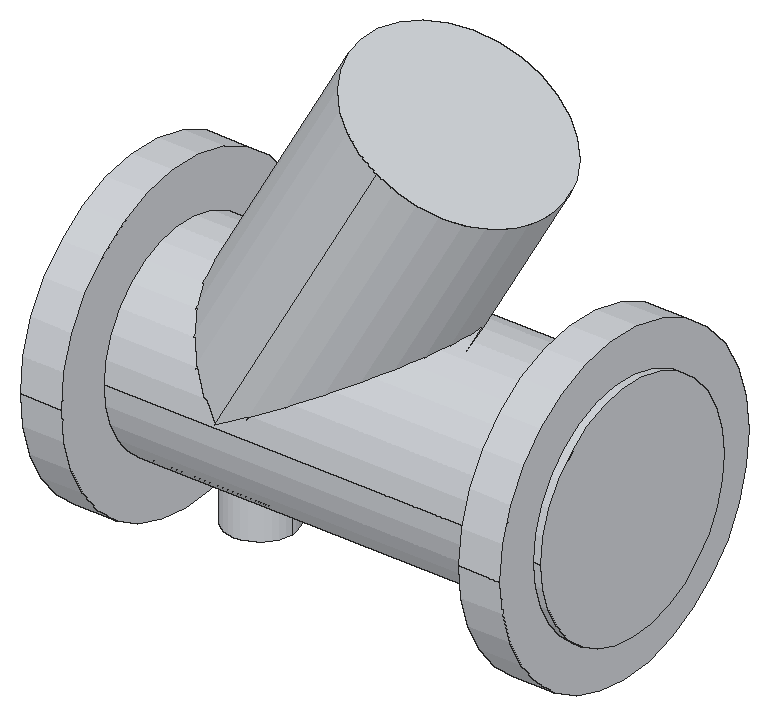
Revit family "HS 821-síto_jemné-PN16-DN125-RFA_2019", category Pipe Accessories, Revit 2019
Family settings
  Round Connector Dimension = Use Diameter
  Part Type = Breaks Into
  Work Plane-Based = No
  Always vertical = Yes
  Cut with Voids When Loaded = No
  Shared = No
Parameters (values of type "821A-DN125-PN16-síto_jemné")
  magiProductId = "bf68e728a163493cbd2a663b26ebdc"
  magiProductFamilyId = "79214ac3aaa945e397802f559f5c1e"
  magiPartTypeId = 307
  isMeasuringValve [instance] = no
  ang2D [instance] = 0.00°
  ZB__ve = -ZB  # -39.5 mm
  ZB1 = 74.52 mm
  ZB = 39.5 mm
  X2 = 131.888 mm
  X1 = 56 mm
  W2D = 15 mm
  VersionID = "2.0/2017.9.26.1/ZETKAMA_821_001"
  Use Minimum Symbol Size [instance] = yes
  URL = "www.hydronix.cz"
  Type Comments = "Filtr přírubový; síto jemné; A-PN16 (-10~300°C); D-PN25 (-10~350°C); F-PN40 (-10~400°C)"
  S = 184 mm
  QmdConnectorList = "301;D;302;D"
  Productdata [instance] = ""
  Manufacturer = "Hydronix"
  MC Product Code = "210 191 (821A; DN125; PN16; kvs268,8; oko síta 0,63mm)"
  LM1 = 32 mm
  LM = 320 mm
  L4 = 100 mm
  L2D_Min = 3048 mm
  L2D = 130 mm
  L2 = 200 mm
  HH2 = 228.438 mm
  FD = 250 mm
  Description = "Filtr přírubový; síto jemné; 821A-PN16; 821D-PN25; 821F-PN40"
  DM1 = 165 mm
  DM = 165.6 mm
  D = 125 mm
  CC = 6.8 mm
  CAT0 = yes
  C1 = 33.2 mm
  C = 40 mm
  BD = 52.164 mm
Types (40, lengths in mm): name | magiProductId | ZB__ve | ZB1 | ZB | X2 | X1 | S | MC Product Code | LM1 | LM | L4 | L2 | HH2 | FD | DM1 | DM | D | CC | C1 | C | BD
  821A-DN015-PN16-síto_jemné | "a71bcfe8b393460598b23e8ddf7dc5" | -16.25 | 18.63 | 16.25 | 46.982 | 18.2 | 46 | "210 115 (821A; DN015; PN16; kvs6,2; oko síta 0,63mm)" | 10.4 | 104 | 32.5 | 65 | 81.375 | 95 | 27.6 | 41.4 | 15 | 2.21 | 10.79 | 13 | 13.041
  821A-DN020-PN16-síto_jemné | "41cd6c7a12924f4991217528336076" | -17.75 | 22.68 | 17.75 | 51.673 | 21 | 56 | "210 120 (821A; DN020; PN16; kvs9,6; oko síta 0,63mm)" | 12 | 120 | 37.5 | 75 | 89.5 | 105 | 33.6 | 50.4 | 20 | 2.55 | 12.45 | 15 | 15.876
  821A-DN025-PN16-síto_jemné | "be378b463ed14c3abf4c9b3ae8cf3a" | -19.25 | 26.325 | 19.25 | 58.601 | 22.4 | 65 | "210 125 (821A; DN025; PN16; kvs14,2; oko síta 0,63mm)" | 12.8 | 128 | 40 | 80 | 101.5 | 115 | 43.2 | 58.5 | 25 | 2.72 | 13.28 | 16 | 18.427
  821A-DN032-PN16-síto_jemné | "227a0d18b21540afabe8b6067d35fa" | -23 | 30.78 | 23 | 68.849 | 25.2 | 76 | "210 132 (821A; DN032; PN16; kvs23,1; oko síta 0,63mm)" | 14.4 | 144 | 45 | 90 | 119.25 | 140 | 50.4 | 68.4 | 32 | 3.06 | 14.94 | 18 | 21.546
  821A-DN040-PN16-síto_jemné | "d106917c74724141a10440112d0102" | -24.5 | 34.02 | 24.5 | 75.777 | 28 | 84 | "210 140 (821A; DN040; PN16; kvs36,6; oko síta 0,63mm)" | 16 | 160 | 50 | 100 | 131.25 | 150 | 60 | 75.6 | 40 | 3.4 | 16.6 | 20 | 23.814
  821A-DN050-PN16-síto_jemné | "8255d456a09e4f6486734f5dd9171b" | -26.75 | 40.095 | 26.75 | 79.061 | 32.2 | 99 | "210 150 (821A; DN050 PN16; kvs53,7; oko síta 0,63mm)" | 18.4 | 184 | 57.5 | 115 | 136.938 | 165 | 73.8 | 89.1 | 50 | 3.91 | 19.09 | 23 | 28.066
  821A-DN065-PN16-síto_jemné | "235b1b3e4c0843779a4d5e3716d40a" | -29.75 | 47.79 | 29.75 | 86.927 | 40.6 | 118 | "210 165 (821A; DN065; PN16; kvs95,1; oko síta 0,63mm)" | 23.2 | 232 | 72.5 | 145 | 150.562 | 185 | 94.2 | 106.2 | 65 | 4.93 | 24.07 | 29 | 33.453
  821A-DN080-PN16-síto_jemné | "a067f7c5236348ed8c820d16df7214" | -32 | 53.46 | 32 | 104.753 | 43.4 | 132 | "210 180 (821A; DN080; PN16; kvs137,1; oko síta 0,63mm)" | 24.8 | 248 | 77.5 | 155 | 181.438 | 200 | 107.4 | 118.8 | 80 | 5.27 | 25.73 | 31 | 37.422
  821A-DN100-PN16-síto_jemné | "c49a648c2747461285837d643703cd" | -35 | 63.18 | 35 | 114.857 | 49 | 156 | "210 190 (821A; DN100; PN16; kvs206,4; oko síta 0,63mm)" | 28 | 280 | 87.5 | 175 | 198.937 | 220 | 131.4 | 140.4 | 100 | 5.95 | 29.05 | 35 | 44.226
  821A-DN125-PN16-síto_jemné | "bf68e728a163493cbd2a663b26ebdc" | -39.5 | 74.52 | 39.5 | 131.888 | 56 | 184 | "210 191 (821A; DN125; PN16; kvs268,8; oko síta 0,63mm)" | 32 | 320 | 100 | 200 | 228.438 | 250 | 165 | 165.6 | 125 | 6.8 | 33.2 | 40 | 52.164
  821A-DN150-PN16-síto_jemné | "2de770284b654863ae6bc865769dc5" | -44.75 | 85.455 | 44.75 | 155.885 | 67.2 | 211 | "210 192 (821A; DN150; PN16; kvs401,4; oko síta 0,63mm)" | 38.4 | 384 | 120 | 240 | 270 | 285 | 192 | 189.9 | 150 | 8.16 | 39.84 | 48 | 59.818
  821A-DN200-PN16-síto_jemné | "8e5693371ab64aabb29a7f08c76e15" | -53 | 107.73 | 53 | 188.361 | 84 | 266 | "210 193 (821A; DN200; PN16; kvs706,7; oko síta 0,63mm)" | 48 | 480 | 150 | 300 | 326.25 | 340 | 252 | 239.4 | 200 | 10.2 | 49.8 | 60 | 75.411
  821A-DN250-PN16-síto_jemné | "05e37ed948c34047acdd4c42556504" | -62.75 | 129.195 | 62.75 | 255.911 | 102.2 | 319 | "210 194 (821A; DN250; PN16; kvs1229,4; oko síta 0,63mm)" | 58.4 | 584 | 182.5 | 365 | 443.25 | 405 | 309.6 | 287.1 | 250 | 12.41 | 60.59 | 73 | 90.436
  821A-DN300-PN16-síto_jemné | "9ad0af747269428da925480d83ce80" | -71 | 149.85 | 71 | 325.914 | 119 | 370 | "210 195 (821A; DN300; PN16; kvs1902,4; oko síta 0,63mm)" | 68 | 680 | 212.5 | 425 | 564.5 | 460 | 369.6 | 333 | 300 | 14.45 | 70.55 | 85 | 104.895
  821A-DN350-PN16-síto_jemné | "eebc71459bb3451bb4355e7951370a" | -80 | 173.745 | 80 | 356.875 | 137.2 | 429 | "200 196 (821A; DN350; PN16; kvs2611,0; oko síta 0,63mm)" | 78.4 | 784 | 245 | 490 | 618.125 | 520 | 438 | 386.1 | 350 | 16.66 | 81.34 | 98 | 121.621
  821A-DN400-PN16-síto_jemné | "d2f677cb196647e385b2590e7d8abe" | -89 | 194.4 | 89 | 392.237 | 154 | 480 | "210 197 (821A; DN400; PN16; kvs3438,4; oko síta 0,63mm)" | 88 | 880 | 275 | 550 | 679.375 | 580 | 498 | 432 | 400 | 18.7 | 91.3 | 110 | 136.08
  821D-DN015-PN25-síto_jemné | "27ddcbf555414f8ca1fde329bf9087" | -16.25 | 18.63 | 16.25 | 46.982 | 18.2 | 46 | "210 215 (821D; DN015; PN25; kvs6,2; oko síta 0,63mm)" | 10.4 | 104 | 32.5 | 65 | 81.375 | 95 | 27.6 | 41.4 | 15 | 2.21 | 10.79 | 13 | 13.041
  821D-DN020-PN25-síto_jemné | "270e0f14012f47189cd0235c18faee" | -17.75 | 22.68 | 17.75 | 51.673 | 21 | 56 | "210 220 (821D; DN020; PN25; kvs9,6; oko síta 0,63mm)" | 12 | 120 | 37.5 | 75 | 89.5 | 105 | 33.6 | 50.4 | 20 | 2.55 | 12.45 | 15 | 15.876
  821D-DN025-PN25-síto_jemné | "b9a7fb4aa36643878c637d8e1ab992" | -19.25 | 26.325 | 19.25 | 58.601 | 22.4 | 65 | "210 225 (821D; DN025; PN25; kvs14,2; oko síta 0,63mm)" | 12.8 | 128 | 40 | 80 | 101.5 | 115 | 43.2 | 58.5 | 25 | 2.72 | 13.28 | 16 | 18.427
  821D-DN032-PN25-síto_jemné | "6be9a55c4e68400f94eec7e804204c" | -23 | 30.78 | 23 | 68.849 | 25.2 | 76 | "210 232 (821D; DN032; PN25; kvs23,1; oko síta 0,63mm)" | 14.4 | 144 | 45 | 90 | 119.25 | 140 | 50.4 | 68.4 | 32 | 3.06 | 14.94 | 18 | 21.546
  821D-DN040-PN25-síto_jemné | "c54511bd7f584ec2984291479612cb" | -24.5 | 34.02 | 24.5 | 75.777 | 28 | 84 | "210 240 (821D; DN040; PN25; kvs36,6; oko síta 0,63mm)" | 16 | 160 | 50 | 100 | 131.25 | 150 | 60 | 75.6 | 40 | 3.4 | 16.6 | 20 | 23.814
  821D-DN050-PN25-síto_jemné | "5483b1f596b04cd39b23a14a22c90e" | -26.75 | 40.095 | 26.75 | 79.061 | 32.2 | 99 | "210 250 (821D; DN050; PN25; kvs53,7; oko síta 0,63mm)" | 18.4 | 184 | 57.5 | 115 | 136.938 | 165 | 73.8 | 89.1 | 50 | 3.91 | 19.09 | 23 | 28.066
  821D-DN065-PN25-síto_jemné | "767b0f8318e94750bc7a9930ed5b30" | -29.75 | 47.79 | 29.75 | 86.927 | 40.6 | 118 | "210 265 (821D; DN065; PN25; kvs95,1; oko síta 0,63mm)" | 23.2 | 232 | 72.5 | 145 | 150.562 | 185 | 94.2 | 106.2 | 65 | 4.93 | 24.07 | 29 | 33.453
  821D-DN080-PN25-síto_jemné | "e21040fa3cc2404b858198f6b73709" | -32 | 53.46 | 32 | 104.753 | 43.4 | 132 | "210 280 (821D; DN080; PN25; kvs137,1; oko síta 0,63mm)" | 24.8 | 248 | 77.5 | 155 | 181.438 | 200 | 107.4 | 118.8 | 80 | 5.27 | 25.73 | 31 | 37.422
  821D-DN100-PN25-síto_jemné | "175ca87a506b40b3bc6b82f12f33cf" | -37.25 | 63.18 | 37.25 | 114.857 | 49 | 156 | "210 290 (821D; DN100; PN25; kvs206,4; oko síta 0,63mm)" | 28 | 280 | 87.5 | 175 | 198.937 | 235 | 131.4 | 140.4 | 100 | 5.95 | 29.05 | 35 | 44.226
  821D-DN125-PN25-síto_jemné | "77cc98d60da24855999a22dff726b2" | -42.5 | 74.52 | 42.5 | 131.888 | 56 | 184 | "210 291 (821D; DN125; PN25; kvs268,8; oko síta 0,63mm)" | 32 | 320 | 100 | 200 | 228.438 | 270 | 165 | 165.6 | 125 | 6.8 | 33.2 | 40 | 52.164
  821D-DN150-PN25-síto_jemné | "9cf8acfcd15547d68e83172d3abcbe" | -47 | 85.455 | 47 | 155.885 | 67.2 | 211 | "210 292 (821D; DN150; PN25; kvs401,4; oko síta 0,63mm)" | 38.4 | 384 | 120 | 240 | 270 | 300 | 192 | 189.9 | 150 | 8.16 | 39.84 | 48 | 59.818
  821D-DN200-PN25-síto_jemné | "16973f3c9ea14389ba8602495a6b64" | -56 | 110.97 | 56 | 188.361 | 84 | 274 | "210 293 (821D; DN200; PN25; kvs706,7; oko síta 0,63mm)" | 48 | 480 | 150 | 300 | 326.25 | 360 | 252 | 246.6 | 200 | 10.2 | 49.8 | 60 | 77.679
  821F-DN015-PN40-síto_jemné | "4c7eaf3c4c0340888b3e684d8a8616" | -16.25 | 18.225 | 16.25 | 46.982 | 18.2 | 45 | "250 615 (821F; DN015; PN40; kvs6,2; oko síta 0,63mm)" | 10.4 | 104 | 32.5 | 65 | 81.375 | 95 | 27.6 | 40.5 | 15 | 2.21 | 10.79 | 13 | 12.757
  821F-DN020-PN40-síto_jemné | "aaac5f1ec96b44d6ba96ac2293d66d" | -17.75 | 23.49 | 17.75 | 51.673 | 21 | 58 | "250 620 (821F; DN020; PN40; kvs9,6; oko síta 0,63mm)" | 12 | 120 | 37.5 | 75 | 89.5 | 105 | 33.6 | 52.2 | 20 | 2.55 | 12.45 | 15 | 16.443
  821F-DN025-PN40-síto_jemné | "504768023968471481789485b54c7e" | -19.25 | 27.54 | 19.25 | 58.601 | 22.4 | 68 | "250 625 (821F; DN025; PN40; kvs14,2; oko síta 0,63mm)" | 12.8 | 128 | 40 | 80 | 101.5 | 115 | 43.2 | 61.2 | 25 | 2.72 | 13.28 | 16 | 19.278
  821F-DN032-PN40-síto_jemné | "165e7f39cf744f329bdf1c400dad12" | -23 | 31.59 | 23 | 68.849 | 25.2 | 78 | "250 632 (821F; DN032; PN40; kvs23,1; oko síta 0,63mm)" | 14.4 | 144 | 45 | 90 | 119.25 | 140 | 50.4 | 70.2 | 32 | 3.06 | 14.94 | 18 | 22.113
  821F-DN040-PN40-síto_jemné | "b8903f952089408fbf3a5a632bab1f" | -24.5 | 35.64 | 24.5 | 75.777 | 28 | 88 | "250 640 (821F; DN040; PN40; kvs36,6; oko síta 0,63mm)" | 16 | 160 | 50 | 100 | 131.25 | 150 | 60 | 79.2 | 40 | 3.4 | 16.6 | 20 | 24.948
  821F-DN050-PN40-síto_jemné | "c451f97266fe48da8f879cb6a2bd44" | -26.75 | 41.31 | 26.75 | 79.061 | 32.2 | 102 | "250 650 (821F; DN050; PN40; kvs53,7; oko síta 0,63mm)" | 18.4 | 184 | 57.5 | 115 | 136.938 | 165 | 73.8 | 91.8 | 50 | 3.91 | 19.09 | 23 | 28.917
  821F-DN065-PN40-síto_jemné | "dc9821e3f9b34e128f6a8c6b34c198" | -29.75 | 49.41 | 29.75 | 86.927 | 40.6 | 122 | "250 665 (821F; DN065; PN40; kvs95,1; oko síta 0,63mm)" | 23.2 | 232 | 72.5 | 145 | 150.562 | 185 | 94.2 | 109.8 | 65 | 4.93 | 24.07 | 29 | 34.587
  821F-DN080-PN40-síto_jemné | "689aa1e260f84cf4994f027a1d86b5" | -32 | 55.89 | 32 | 104.753 | 43.4 | 138 | "250 680 (821F; DN080; PN40; kvs137,1; oko síta 0,63mm)" | 24.8 | 248 | 77.5 | 155 | 181.438 | 200 | 107.4 | 124.2 | 80 | 5.27 | 25.73 | 31 | 39.123
  821F-DN100-PN40-síto_jemné | "8a45d4e8e2ab425f8c432f21d684f3" | -37.25 | 65.61 | 37.25 | 114.857 | 49 | 162 | "250 690 (821F; DN100; PN40; kvs206,4; oko síta 0,63mm)" | 28 | 280 | 87.5 | 175 | 198.937 | 235 | 131.4 | 145.8 | 100 | 5.95 | 29.05 | 35 | 45.927
  821F-DN125-PN40-síto_jemné | "cf073904c006406b8645afa67ea2fc" | -42.5 | 76.14 | 42.5 | 131.888 | 56 | 188 | "250 691 (821F; DN125; PN40; kvs268,8; oko síta 0,63mm)" | 32 | 320 | 100 | 200 | 228.438 | 270 | 165 | 169.2 | 125 | 6.8 | 33.2 | 40 | 53.298
  821F-DN150-PN40-síto_jemné | "0153b9ddabe14992a630484929fdbc" | -47 | 88.29 | 47 | 155.885 | 67.2 | 218 | "250 692 (821F; DN150; PN40; kvs401,4; oko síta 0,63mm)" | 38.4 | 384 | 120 | 240 | 270 | 300 | 192 | 196.2 | 150 | 8.16 | 39.84 | 48 | 61.803
  821F-DN200-PN40-síto_jemné | "7fb3fc01dd8d42428c203e3f8dd4d5" | -56 | 115.425 | 56 | 188.361 | 84 | 285 | "250 693 (821F; DN200; PN40; kvs706,7; oko síta 0,63mm)" | 48 | 480 | 150 | 300 | 326.25 | 360 | 252 | 256.5 | 200 | 10.2 | 49.8 | 60 | 80.797
Reference planes
  plane 1 "Center (Front/Back)": y = 0
  plane 2 "XYPLANE": z = 0
  plane 3 "Center (Left/Right)": x = 0
  plane 4 "109": x = -128
  plane 5 "108": x = 160
  plane 6 "107": x = -160
  plane 7 "105": x = 200
  plane 8 "104": x = -200
  plane 9 "103": y = 0
  plane 10 "102": z = 0
  plane 11 "101": x = -193.2
  plane 12 "100": x = 193.2
  plane 13 "11": x = -72
  plane 14 "10": z = 228.438
  plane 15 "9": x = 59.888
  plane 16 "5": z = -74.52
  plane 17 "4": x = -100
  plane 18 "1": x = 100
Forms (mm)
  Extrusion 1, solid, visible <- "CAT0"
    sketch origin (-160, -750, 0) x (0, 1, 0) y (0, 0, 1)
      loop
        circle (750, 0) r 82.8
    from 0 to 320 <- "LM"
  Extrusion 2, solid
    sketch origin (-200, -750, 0) x (0, 1, 0) y (0, 0, 1)
      loop
        circle (750, 0) r 92
    from 0 to 6.8 <- "CC"
  Extrusion 3, solid
    sketch origin (-193.2, -750, 0) x (0, 1, 0) y (0, 0, 1)
      loop
        circle (750, 0) r 125
    from 0 to 33.2 <- "C1"
  Extrusion 4, solid
    sketch origin (160, -750, 0) x (0, 1, 0) y (0, 0, 1)
      loop
        circle (750, 0) r 125
    from 0 to 33.2 <- "C1"
  Extrusion 5, solid
    sketch origin (193.2, -750, 0) x (0, 1, 0) y (0, 0, 1)
      loop
        circle (750, 0) r 92
    from 0 to 6.8 <- "CC"
  Sweep 6, solid, visible <- "CAT0"
    path origin (750, 0, 0) x (-1, 0, 0) y (0, 0, 1)
      loop
        line (910, 0) -> (822, 0) -> (690.112, 228.438)
    profile origin (-160, 0, 0) x (0, 0, -1) y (0, 1, 0)
      loop
        circle (0, 0) r 82.5
  Extrusion 7, solid, visible <- "CAT0"
    sketch origin (-750, 0, -74.52) x (1, 0, 0) y (0, 1, 0)
      loop
        circle (650, 0) r 26.082
    from 0 to -39.5 <- "ZB__ve"
  Extrusion 8, solid, visible <- "CAT0"
    sketch origin (-750, 0, -74.52) x (1, 0, 0) y (0, 1, 0)
      loop
        circle (850, 0) r 26.082
    from 0 to -39.5 <- "ZB__ve"
  Extrusion 9, solid, not visible
    sketch origin (200, -750, 0) x (0, 1, 0) y (0, 0, 1)
      loop
        circle (750, 0) r 10
    from 0 to -10
  Extrusion 10, solid, not visible
    sketch origin (-200, -750, 0) x (0, 1, 0) y (0, 0, 1)
      loop
        circle (750, 0) r 10
    from 0 to 10
Lines and regions (mm)
  reference lines, not visible
    curve 1: circle (2, 2, 0) r 1 normal (0, 0, 1)
Dimensions and locks
  plane 1 "Center (Front/Back)" to curve 1 = 2 mm
  "LM1": plane 6 "107" to plane 4 "109"
  "LM": plane 6 "107" to plane 5 "108"
  "C": plane 8 "104" to plane 6 "107"
  "L2": plane 3 "Center (Left/Right)" to plane 7 "105"
  "L2": plane 3 "Center (Left/Right)" to plane 8 "104"
  locked: plane 1 "Center (Front/Back)" to plane 9 "103"
  locked: plane 2 "XYPLANE" to plane 10 "102"
  "CC": plane 8 "104" to plane 11 "101"
  "C1": plane 5 "108" to plane 12 "100"
  "X1": plane 4 "109" to plane 13 "11"
  "HH2": plane 2 "XYPLANE" to plane 14 "10"
  "X2": plane 13 "11" to plane 15 "9"
  "ZB1": plane 2 "XYPLANE" to plane 16 "5"
  "L4": plane 8 "104" to plane 17 "4"
  "L2": plane 17 "4" to plane 18 "1"
  Sweep 6 sketch curve to Sweep 6 sketch curve = 0 mm  (x2)
  "DM": diameter of Extrusion 1 sketch curve
  "S": diameter of Extrusion 2 sketch curve
  "FD": diameter of Extrusion 3 sketch curve
  "FD": diameter of Extrusion 4 sketch curve
  "S": diameter of Extrusion 5 sketch curve
  "DM1": diameter of Sweep 6 sketch curve
  "BD": diameter of Extrusion 7 sketch curve
  "BD": diameter of Extrusion 8 sketch curve
  aligned and locked: level to plane 2 "XYPLANE"
  aligned and locked: Extrusion 1 sketch curve to plane 9 "103"
  aligned and locked: plane 10 "102" to Extrusion 1 sketch curve
  aligned and locked: Extrusion 2 sketch curve to plane 9 "103"
  aligned and locked: plane 10 "102" to Extrusion 2 sketch curve
  aligned and locked: Extrusion 3 sketch curve to plane 9 "103"
  aligned and locked: plane 10 "102" to Extrusion 3 sketch curve
  aligned and locked: Extrusion 4 sketch curve to plane 9 "103"
  aligned and locked: plane 10 "102" to Extrusion 4 sketch curve
  aligned and locked: Extrusion 5 sketch curve to plane 9 "103"
  aligned and locked: plane 10 "102" to Extrusion 5 sketch curve
  aligned and locked: Sweep 6 sketch curve to plane 9 "103"
  aligned and locked: plane 10 "102" to Sweep 6 sketch curve  (x3)
  aligned and locked: plane 6 "107" to Sweep 6 sketch curve
  aligned and locked: plane 13 "11" to Sweep 6 sketch curve
  aligned and locked: plane 14 "10" to Sweep 6 sketch curve
  aligned and locked: plane 15 "9" to Sweep 6 sketch curve
  aligned and locked: plane 9 "103" to Extrusion 7 sketch curve
  aligned and locked: plane 17 "4" to Extrusion 7 sketch curve
  aligned and locked: plane 9 "103" to Extrusion 8 sketch curve
  aligned and locked: plane 18 "1" to Extrusion 8 sketch curve
  aligned and locked: Extrusion 9 sketch curve to plane 9 "103"
  aligned and locked: plane 10 "102" to Extrusion 9 sketch curve
  aligned and locked: Extrusion 10 sketch curve to plane 9 "103"
  aligned and locked: plane 10 "102" to Extrusion 10 sketch curve
Automatic sketch dimensions
  plane 1 "Center (Front/Back)" to Extrusion 9 sketch curve = 10 mm
  plane 1 "Center (Front/Back)" to Extrusion 10 sketch curve = 10 mm
  plane 3 "Center (Left/Right)" to curve 1 = 2 mm
  radius of curve 1 = 1 mm
Connectors
  piping at (-200, 0, 0), diameter 125, driven by "D"
    settings: on Extrusion 10, index 1, connector inside diameter 609.6 mm, connector length 0 mm, flow factor 0, pipe flow 0.0 L/s, pressure drop 0.0 Pa, fitting loss kfactor 0, connector angle 0.00°, fixture units 0, engagement length 0 mm, angle of deflection 0.00°, flow configuration 0, flow direction 0, fitting loss method 0, system type 29, joint type 0, gender type 0, connector reference index 2, connector utility 0, adjustable connector no, is connector primary yes, connector description ""
  piping at (200, 0, 0), diameter 125, driven by "D"
    settings: on Extrusion 9, index 2, connector inside diameter 609.6 mm, connector length 0 mm, flow factor 0, pipe flow 0.0 L/s, pressure drop 0.0 Pa, fitting loss kfactor 0, connector angle 0.00°, fixture units 0, engagement length 0 mm, angle of deflection 0.00°, flow configuration 0, flow direction 0, fitting loss method 0, system type 29, joint type 0, gender type 0, connector reference index 1, connector utility 0, adjustable connector no, is connector primary no, connector description ""
